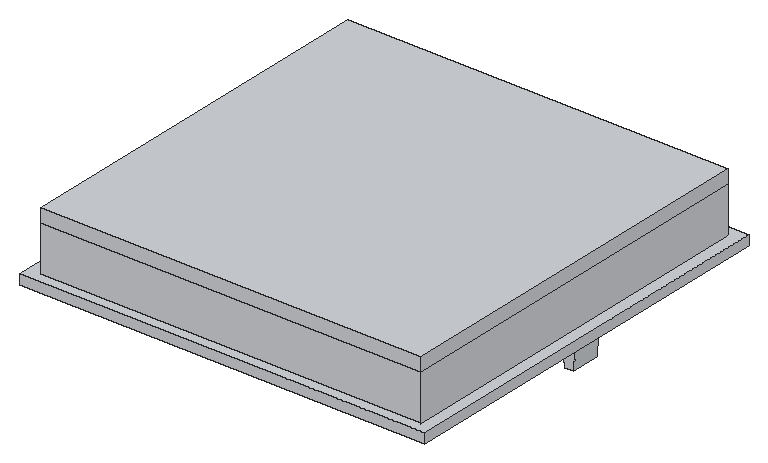
Revit family "Gira_029467", category Electrical Fixtures, host Face, Revit 2017
Family settings
  Host = Face
  Maintain Annotation Orientation = No
  Round Connector Dimension = Use Diameter
  Part Type = Normal
  Cut with Voids When Loaded = No
  Shared = No
  Room Calculation Point = No
Parameters (values of type "Wippe 2f Pfeilsymbol Gira TX_44 (WG UP) Anthrazit")
  Werkstoffgüte = "sonstige"
  Werkstoff = "Kunststoff"
  Verwendung = "Jalousie"
  Verfügbar = "Ja"
  URL = "http://katalog.gira.de/de_DE/datenblatt.html?artikelnr=029467"
  Region = "DE"
  Oberfläche = "sonstige"
  Name = "Wippe 2f Pfeilsymbol Gira TX_44 (WG UP) Anthrazit"
  Mit austauschbarer Linse/Symbol = "Nein"
  Mit Beschriftungsfeld = "Nein"
  Manufacturer URL = "https://www.gira.de/"
  Kontrollfenster/Lichtauslass = "Nein"
  Kategorie = "Abdeckung/Bedienelement für Installationsschalterprogramme"
  Manufacturer = "Gira"
  HeinzeBIM = "https://bimportal.heinze.de/bim/wippe-2f-pfeilsymbol-gira-tx-44-wg-up-anthrazit/c855ce0c9c2f58f4e64fdf1cd37baa500119a944"
  Halogenfrei = "Nein"
  HAN = "029467"
  Geeignet für Schutzart (IP) = "IP44"
  Geeignet für Bussystem-Tasterankopplung = "Nein"
  GTIN = "4010337294672"
  Farbe = "anthrazit"
  Description = "Wippe 2fach mit Pfeilsymbol  Anthrazit"
  Data sheet (1) = "https://katalog.gira.de/de_DE/download.html?artikelnr=029467"
  Category = "Abdeckung/Bedienelement für Installationsschalterprogramme"
  Befestigungsart = "Klemmbefestigung"
  Keynote = "TX44_Abdeckung_Schalten und Tasten"
  Default Elevation = 1219.2 mm
  BIM (1) = "https://media.live.bim.site/public/gira/9fde4c0/TX44_Abdeckung_Schalten und Tasten.rfa?public/gira/9fde4c0/TX44_Abdeckung_Schalten und Tasten.rfa"
  Available = "Yes"
  Ausführung = "zweiteilige Wippe"
  Aufdruck/Kennzeichnung = "diverse Symbole"
  Abtastbares Symbol/barrierefrei = "Nein"
Reference planes
  plane 1 "Center (Front/Back)": y = 0
  plane 2: z = 0
  plane 3 "Center (Left/Right)": x = 0
Forms (mm)
  Extrusion 1, solid, detail levels fine
    sketch origin (0, 0, 0) x (1, 0, 0) y (0, 1, 0)
      loop
        line (34.85, 34.85) -> (-34.85, 34.85) -> (-34.85, -34.85) -> (34.85, -34.85) -> (34.85, 34.85)
      loop
        line (-31.45, 31.8) -> (-31.45, -31.8) -> (31.45, -31.8) -> (31.45, 31.8) -> (-31.45, 31.8)
    from 0 to 1.7
  Extrusion 2, solid, detail levels fine
    sketch origin (0, 0, 0) x (1, 0, 0) y (0, 1, 0)
      loop
        line (32.8, 33.05) -> (-32.8, 33.05) -> (-32.8, -33.05) -> (32.8, -33.05) -> (32.8, 33.05)
      loop
        line (-31.45, 31.8) -> (-31.45, -31.8) -> (31.45, -31.8) -> (31.45, 31.8) -> (-31.45, 31.8)
    from 1.566 to 9.515
  Extrusion 3, solid, detail levels fine
    sketch origin (0, 0, 0) x (1, 0, 0) y (0, 1, 0)
      loop
        line (32.8, 33.05) -> (-32.8, 33.05) -> (-32.8, -33.05) -> (32.8, -33.05) -> (32.8, 33.05)
    from 9.515 to 11.816
  Extrusion 4, solid, detail levels fine
    sketch origin (0, 0, 0) x (1, 0, 0) y (0, 0, 1)
      loop
        line (-32.815, 0) -> (-34.827, 0) -> (-34.611, -3.084) -> (-33.031, -3.084) -> (-32.815, 0)
      loop
        line (32.815, 0) -> (33.031, -3.084) -> (34.611, -3.084) -> (34.827, 0) -> (32.815, 0)
    from -2.513 to 2.5
  Extrusion 5, solid, detail levels fine
    sketch origin (0, 0, 0) x (1, 0, 0) y (0, 1, 0)
      loop
        spline (-23.686, 23.152) -> (-23.856, 23.114) -> (-24.022, 23.062) -> (-24.184, 22.995) -> (-24.338, 22.915) -> (-24.486, 22.821) -> (-24.624, 22.715) -> (-24.753, 22.597) -> (-24.87, 22.468) -> (-24.977, 22.33) -> (-25.07, 22.183) -> (-25.151, 22.028) -> (-25.218, 21.867)
        line (-25.218, 21.867) -> (-29.35, 10.513) -> (-29.35, -10.487) -> (-25.218, -21.841)
        spline (-25.218, -21.841) -> (-25.151, -22.002) -> (-25.07, -22.156) -> (-24.977, -22.304) -> (-24.87, -22.442) -> (-24.753, -22.571) -> (-24.624, -22.688) -> (-24.486, -22.795) -> (-24.338, -22.888) -> (-24.184, -22.969) -> (-24.022, -23.036) -> (-23.856, -23.088) -> (-23.686, -23.126)
        line (-23.686, -23.126) -> (0, -27.302) -> (23.686, -23.126)
        spline (23.686, -23.126) -> (23.856, -23.088) -> (24.022, -23.036) -> (24.184, -22.969) -> (24.338, -22.888) -> (24.486, -22.795) -> (24.624, -22.688) -> (24.753, -22.571) -> (24.87, -22.442) -> (24.977, -22.304) -> (25.07, -22.156) -> (25.151, -22.002) -> (25.218, -21.841)
        line (25.218, -21.841) -> (29.35, -10.487) -> (29.35, 10.513) -> (25.218, 21.867)
        spline (25.218, 21.867) -> (25.151, 22.028) -> (25.07, 22.183) -> (24.977, 22.33) -> (24.87, 22.468) -> (24.753, 22.597) -> (24.624, 22.715) -> (24.486, 22.821) -> (24.338, 22.915) -> (24.184, 22.995) -> (24.022, 23.062) -> (23.856, 23.114) -> (23.686, 23.152)
        line (23.686, 23.152) -> (0, 27.328) -> (-23.686, 23.152)
      loop
        line (-24.278, 21.525) -> (-28.35, 10.337) -> (-28.35, -10.311) -> (-24.278, -21.498)
        spline (-24.278, -21.498) -> (-24.245, -21.579) -> (-24.204, -21.656) -> (-24.157, -21.73) -> (-24.104, -21.799) -> (-24.045, -21.863) -> (-23.981, -21.922) -> (-23.912, -21.976) -> (-23.838, -22.022) -> (-23.761, -22.063) -> (-23.68, -22.096) -> (-23.597, -22.122) -> (-23.512, -22.141)
        line (-23.512, -22.141) -> (0, -26.287) -> (23.512, -22.141)
        spline (23.512, -22.141) -> (23.597, -22.122) -> (23.68, -22.096) -> (23.761, -22.063) -> (23.838, -22.022) -> (23.912, -21.976) -> (23.981, -21.922) -> (24.045, -21.863) -> (24.104, -21.799) -> (24.157, -21.73) -> (24.204, -21.656) -> (24.245, -21.579) -> (24.278, -21.498)
        line (24.278, -21.498) -> (28.35, -10.311) -> (28.35, 10.337) -> (24.278, 21.525)
        spline (24.278, 21.525) -> (24.245, 21.605) -> (24.204, 21.683) -> (24.157, 21.756) -> (24.104, 21.825) -> (24.045, 21.89) -> (23.981, 21.949) -> (23.912, 22.002) -> (23.838, 22.048) -> (23.761, 22.089) -> (23.68, 22.122) -> (23.597, 22.148) -> (23.512, 22.167)
        line (23.512, 22.167) -> (0, 26.313) -> (-23.512, 22.167)
        spline (-23.512, 22.167) -> (-23.597, 22.148) -> (-23.68, 22.122) -> (-23.761, 22.089) -> (-23.838, 22.048) -> (-23.912, 22.002) -> (-23.981, 21.949) -> (-24.045, 21.89) -> (-24.104, 21.825) -> (-24.157, 21.756) -> (-24.204, 21.683) -> (-24.245, 21.605) -> (-24.278, 21.525)
    from 4.866 to 9.515
  Extrusion 6, solid, detail levels fine
    sketch origin (0, 0, 0) x (1, 0, 0) y (0, 1, 0)
      loop
        arc (0, 8.51) -> (-1.055, 8.223) -> (-1.717, 7.352) r 1.7
        line (-1.717, 7.352) -> (-2.205, 5.894) -> (-2.205, 4.213) -> (-4.36, 4.213)
        arc (-4.36, 4.213) -> (-4.865, 4.091) -> (-5.257, 3.75) r 1.1
        arc (-5.257, 3.75) -> (-6.02, 2.328) -> (-6.406, 0.761) r 6.45
        arc (-6.406, 0.761) -> (-6.7, 0.013) -> (-6.406, -0.735) r 1.1
        arc (-6.406, -0.735) -> (-6.02, -2.302) -> (-5.257, -3.724) r 6.45
        arc (-5.257, -3.724) -> (-4.865, -4.064) -> (-4.36, -4.187) r 1.1
        line (-4.36, -4.187) -> (-2.1, -4.187) -> (-2.1, -5.243)
        arc (-2.1, -5.243) -> (-1.847, -5.944) -> (-1.206, -6.323) r 1.1
        arc (-1.206, -6.323) -> (0, -6.437) -> (1.206, -6.323) r 6.45
        arc (1.206, -6.323) -> (1.847, -5.944) -> (2.1, -5.243) r 1.1
        line (2.1, -5.243) -> (2.1, -4.187) -> (4.36, -4.187)
        arc (4.36, -4.187) -> (4.865, -4.064) -> (5.257, -3.724) r 1.1
        arc (5.257, -3.724) -> (6.02, -2.302) -> (6.406, -0.735) r 6.45
        arc (6.406, -0.735) -> (6.7, 0.013) -> (6.406, 0.761) r 1.1
        arc (6.406, 0.761) -> (6.02, 2.328) -> (5.257, 3.75) r 6.45
        arc (5.257, 3.75) -> (4.865, 4.091) -> (4.36, 4.213) r 1.1
        line (4.36, 4.213) -> (2.205, 4.213) -> (2.205, 5.894) -> (1.717, 7.352)
        arc (1.717, 7.352) -> (1.055, 8.223) -> (0, 8.51) r 1.7
    from -6.834 to 9.515
  Extrusion 7, solid, detail levels coarse
    sketch origin (0, 0, 0) x (1, 0, 0) y (0, 1, 0)
      loop
        line (34.85, 34.85) -> (-34.85, 34.85) -> (-34.85, -34.85) -> (34.85, -34.85) -> (34.85, 34.85)
    from -6.834 to 11.816
  Extrusion 8, solid, detail levels medium
    sketch origin (0, 0, 0) x (1, 0, 0) y (0, 1, 0)
      loop
        line (32.8, 33.05) -> (-32.8, 33.05) -> (-32.8, -33.05) -> (32.8, -33.05) -> (32.8, 33.05)
    from 1.566 to 11.816
  Extrusion 9, solid, detail levels medium
    sketch origin (0, 0, 0) x (1, 0, 0) y (0, 1, 0)
      loop
        line (34.85, 34.85) -> (-34.85, 34.85) -> (-34.85, -34.85) -> (34.85, -34.85) -> (34.85, 34.85)
    from 0 to 1.7
  Extrusion 10, solid, detail levels medium
    sketch origin (0, 0, 0) x (1, 0, 0) y (0, 1, 0)
      loop
        circle (0, 1.036) r 7.473
    from -6.834 to 9.515
  Extrusion 11, solid, detail levels medium
    sketch origin (0, 0, 0) x (1, 0, 0) y (0, 0, 1)
      loop
        line (-32.815, -3.084) -> (-32.815, 0) -> (-34.827, 0) -> (-34.827, -3.084) -> (-32.815, -3.084)
      loop
        line (32.815, -3.084) -> (34.827, -3.084) -> (34.827, 0) -> (32.815, 0) -> (32.815, -3.084)
    from -2.513 to 2.5
Dimensions and locks
  aligned and locked: plane 2 to host face
  aligned and locked: level to host face
